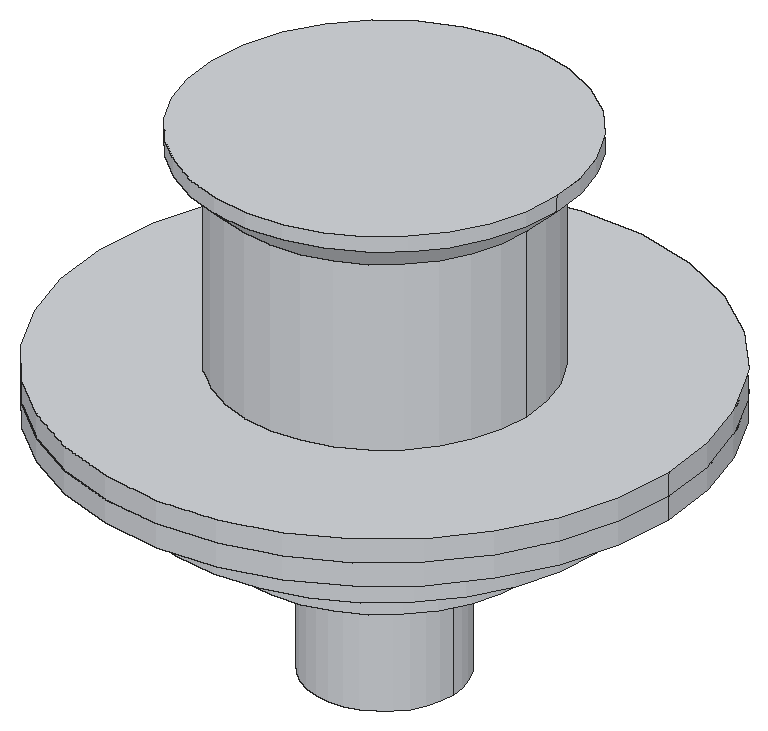
Revit family "RYN_PLU_Drain.50mm_Strainer.125mm", category Plumbing Fixtures, host Face, Revit 2025
Family settings
  Host = Face
  Round Connector Dimension = Use Radius
  Part Type = Normal
  OmniClass Number = 23.45.55.21
  OmniClass Title = Drains (Wastes)
  Enable Cutting in Views = No
  Cut with Voids When Loaded = No
  Maintain Annotation Orientation = No
  Shared = No
  Room Calculation Point = No
Parameters
  WFU = 2
  Strainer Height = 83 mm
  Strainer Radius = 62.5 mm
  Strainer Diameter = 2 * Strainer Radius  # 125 mm
  Radius 6 = Strainer Radius / 4  # 15.625 mm
  Radius 5 = Strainer Radius / 4 * 2  # 31.25 mm
  Radius 4 = Strainer Radius / 4 * 3  # 46.875 mm
  Radius 2 = (Body Radius - Pipe Radius) / 3 * 2 + Pipe Radius  # 77 mm
  Radius 1 = (Body Radius - Pipe Radius) / 3 + Pipe Radius  # 51 mm
  Radius 3 = 0.5 * Body Radius  # 51.5 mm
  Pipe Radius = 25 mm
  Pipe Diameter = 2 * Pipe Radius  # 50 mm
  Height 2 = 0.2 * Body Height  # 18.4 mm
  Height 1 = 0.5 * Body Height  # 46 mm
  HWFU = 0
  Drain Material = none
  Default Elevation = 0 mm
  CWFU = 0
  Body Radius = 103 mm
  Body Height = 92 mm
  Body Diameter = 2 * Body Radius  # 206 mm
Reference planes
  plane 1 "Center (Front/Back)": y = 0
  plane 2: z = 0
  plane 3 "Center (Left/Right)": x = 0
  plane 4: z = -129
  plane 5: z = -110.6
  plane 6: z = -90.62
  plane 7: z = -175
  plane 8: z = -75.38
  plane 9: z = -15.24
  plane 10: z = -5.08
  plane 11 "Strainer Top": z = 0
  plane 12: x = -62.5
  plane 13: x = 62.5
  plane 14: y = 62.5
  plane 15: y = -62.5
  plane 16: z = -83
  plane 17: x = -51.5
  plane 18: z = -914.4
Forms (mm)
  Extrusion 1, solid, material <- "Drain Material"
    sketch origin (0, 0, 0) x (-1, 0, 0) y (0, -1, 0)
      loop
        circle (0, 0) r 25
    from -175 to -129
  Extrusion 2, solid, material <- "Drain Material"
    sketch origin (0, 0, 0) x (-1, 0, 0) y (0, -1, 0)
      loop
        circle (0, 0) r 51
    from -129 to -110.6
  Extrusion 3, solid, material <- "Drain Material"
    sketch origin (0, 0, 0) x (-1, 0, 0) y (0, -1, 0)
      loop
        circle (0, 0) r 77
    from -110.6 to -90.62
  Extrusion 4, solid, material <- "Drain Material"
    sketch origin (0, 0, 0) x (-1, 0, 0) y (0, -1, 0)
      loop
        circle (0, 0) r 103
    from -90.62 to -83
  Extrusion 5, solid, material <- "Drain Material"
    sketch origin (0, 0, 0) x (-1, 0, 0) y (0, -1, 0)
      loop
        circle (0, 0) r 103
    from -83 to -75.38
  Extrusion 6, solid, material <- "Drain Material"
    sketch origin (0, 0, 0) x (-1, 0, 0) y (0, -1, 0)
      loop
        circle (0, 0) r 51.5
    from -75.38 to -15.24
  Revolve 7, solid, material <- "Drain Material"
    sketch origin (0, 0, 0) x (1, 0, 0) y (0, 0, 1)
      loop
        line (0, -5.08) -> (-62.5, -5.08) -> (-51.5, -15.24) -> (0, -15.24) -> (0, -5.08)
      axis (0, -5.08) -> (0, -15.24)
    angle from 0 to 360
  Extrusion 8, solid, material <- "Drain Material"
    sketch origin (0, 0, 0) x (-1, 0, 0) y (0, -1, 0)
      loop
        circle (0, 0) r 62.5
    from -5.08 to 0
Cuts and joins
  joined: Extrusion 1, Extrusion 2, Extrusion 3, Extrusion 4
  joined: Extrusion 5, Extrusion 6, Revolve 7, Extrusion 8
Lines and regions (mm)
  model lines
    curve 1: circle (0, 0, 0) r 62.5 normal (0, 0, 1)
    curve 2: line (-62.5, 0, 0) -> (62.5, 0, 0)
    curve 3: line (0, 62.5, 0) -> (0, -62.5, 0)
    curve 4: circle (0, 0, 0) r 46.875 normal (0, 0, 1)
    curve 5: circle (0, 0, 0) r 31.25 normal (0, 0, 1)
    curve 6: circle (0, 0, 0) r 15.625 normal (0, 0, 1)
Dimensions and locks
  "Height 2": plane 5 to plane 4
  "Height 1": plane 4 to plane 7
  locked: plane 11 "Strainer Top" to plane 10 at 5.08
  plane 11 "Strainer Top" to plane 2 = 0 mm
  locked: plane 10 to plane 9 at 10.16
  equal spacing: plane 14, plane 1 "Center (Front/Back)", plane 15
  "Strainer Radius": plane 14 to plane 1 "Center (Front/Back)"
  equal spacing: plane 12, plane 3 "Center (Left/Right)", plane 13
  "Strainer Radius": plane 3 "Center (Left/Right)" to plane 13
  "Strainer Height": plane 11 "Strainer Top" to plane 16
  locked: plane 8 to plane 16 at 7.62
  locked: plane 16 to plane 6 at 7.62
  "Body Height": plane 16 to plane 7
  "Radius 3": plane 3 "Center (Left/Right)" to plane 17
  locked: plane 2 to plane 18 at 914.4
  "Radius 4": radius of curve 4
  "Radius 5": radius of curve 5
  "Radius 6": radius of curve 6
  "Pipe Radius": radius of Extrusion 1 sketch curve
  "Radius 1": radius of Extrusion 2 sketch curve
  "Radius 2": radius of Extrusion 3 sketch curve
  "Body Radius": radius of Extrusion 4 sketch curve
  "Body Radius": radius of Extrusion 5 sketch curve
  "Radius 3": radius of Extrusion 6 sketch curve
  "Strainer Radius": radius of Extrusion 8 sketch curve
  aligned and locked: plane 2 to host face
  aligned and locked: level to host face
  aligned and locked: plane 3 "Center (Left/Right)" to curve 1
  aligned and locked: plane 1 "Center (Front/Back)" to curve 2
  aligned and locked: curve 3 to plane 3 "Center (Left/Right)"
  aligned and locked: plane 3 "Center (Left/Right)" to curve 4
  aligned and locked: plane 1 "Center (Front/Back)" to curve 4
  aligned and locked: plane 3 "Center (Left/Right)" to curve 5
  aligned and locked: plane 1 "Center (Front/Back)" to curve 5
  aligned and locked: plane 3 "Center (Left/Right)" to curve 6
  aligned and locked: plane 1 "Center (Front/Back)" to curve 6
  aligned and locked: plane 12 to curve 2
  aligned and locked: plane 15 to curve 3
  aligned and locked: plane 1 "Center (Front/Back)" to Extrusion 1 sketch curve
  aligned and locked: plane 3 "Center (Left/Right)" to Extrusion 1 sketch curve
  aligned and locked: Extrusion 1 to plane 7
  aligned and locked: plane 4 to Extrusion 1
  aligned and locked: plane 1 "Center (Front/Back)" to Extrusion 2 sketch curve
  aligned and locked: plane 3 "Center (Left/Right)" to Extrusion 2 sketch curve
  aligned and locked: Extrusion 2 to plane 4
  aligned and locked: plane 5 to Extrusion 2
  aligned and locked: plane 1 "Center (Front/Back)" to Extrusion 3 sketch curve
  aligned and locked: plane 3 "Center (Left/Right)" to Extrusion 3 sketch curve
  aligned and locked: Extrusion 3 to plane 5
  aligned and locked: plane 6 to Extrusion 3
  aligned and locked: plane 1 "Center (Front/Back)" to Extrusion 4 sketch curve
  aligned and locked: plane 3 "Center (Left/Right)" to Extrusion 4 sketch curve
  aligned and locked: Extrusion 4 to plane 6
  aligned and locked: plane 16 to Extrusion 4
  aligned and locked: plane 1 "Center (Front/Back)" to Extrusion 5 sketch curve
  aligned and locked: plane 3 "Center (Left/Right)" to Extrusion 5 sketch curve
  aligned and locked: Extrusion 5 to plane 16
  aligned and locked: plane 8 to Extrusion 5
  aligned and locked: plane 1 "Center (Front/Back)" to Extrusion 6 sketch curve
  aligned and locked: plane 3 "Center (Left/Right)" to Extrusion 6 sketch curve
  aligned and locked: Extrusion 6 to plane 8
  aligned and locked: plane 9 to Extrusion 6
  aligned and locked: Revolve 7 sketch curve to plane 3 "Center (Left/Right)"  (x2)
  aligned and locked: plane 9 to Revolve 7 sketch curve
  aligned and locked: Revolve 7 sketch curve to plane 9
  aligned and locked: Revolve 7 sketch curve to plane 10
  aligned and locked: plane 17 to Revolve 7 sketch curve
  aligned and locked: plane 12 to Revolve 7 sketch curve
  aligned and locked: plane 10 to Revolve 7 sketch curve
  aligned and locked: plane 1 "Center (Front/Back)" to Extrusion 8 sketch curve
  aligned and locked: plane 3 "Center (Left/Right)" to Extrusion 8 sketch curve
  aligned and locked: Extrusion 8 to plane 10
  aligned and locked: plane 11 "Strainer Top" to Extrusion 8
Automatic sketch dimensions
  host sketch curve to host sketch curve = 2438.4 mm  (x2)
  level to Revolve 7 sketch curve = 31.75 mm
  Revolve 7 sketch curve to Revolve 7 sketch curve = 12.7 mm
Connectors
  piping at (0, 0, -175), diameter 50, driven by "WFU", driven by "Pipe Radius"
    settings: on cut or joined group of Extrusion 1, Extrusion 2, Extrusion 3, Extrusion 4, index 1, connector inside diameter 50 mm, connector length 0 mm, flow factor 0, pipe flow 0.0 L/s, pressure drop 0.0 Pa, fitting loss kfactor 0, connector angle 0.00°, fixture units 2, engagement length 0 mm, angle of deflection 0.00°, flow configuration 3, flow direction 2, fitting loss method 0, system type 16, joint type 0, gender type 0, connector reference index -1, connector utility 0, adjustable connector no, is connector primary yes, connector description "Out"
